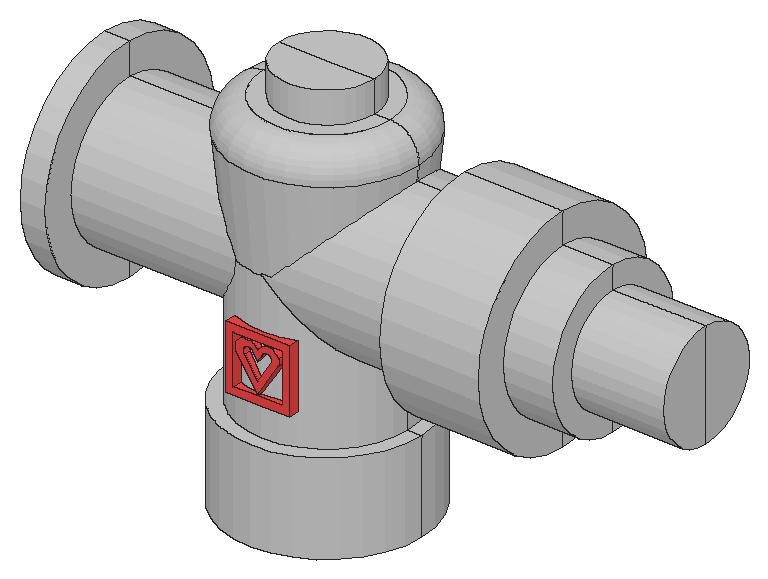
Revit family "HERZ-TS-98-VH-Thermostatventil Eck Spezial 7628", category Rohrzubehör, Revit 2020
Family settings
  Bemaßung runder Anschluss = Durchmesser verwenden
  Teiletyp = Unterbricht
  OmniClass-Nummer = 23.65.55.14
  OmniClass-Titel = Valves for Liquid Services
  Arbeitsebenenbasiert = Nein
  Immer vertikal = Ja
  Beim Laden mit Abzugskörper schneiden = Nein
  Gemeinsam genutzt = Nein
Parameters
  Vorgabe-Ansicht = 0.000 mm
  URL = "www.herz-armaturen.at"
  Schraubkappe = "Kunststoff, hellgrau"  # constant formula
  SCRNSEQ = "ARM;ARM_TYP=\"ALLF\";2"
  SCRNCODE = "05;00;02"  # constant formula
  S02 = L06 + L07 - L03  # 26.800 mm
  S01 = 10.000 mm  # constant formula
  R06 = 4.000 mm  # constant formula
  R05 = 13.500 mm  # constant formula
  R04 = 11.500 mm  # constant formula
  R03 = 9.000 mm  # constant formula
  R02 = 6.750 mm  # constant formula
  R01 = 7.000 mm  # constant formula
  Nennweite = 15.000 mm  # constant formula
  Medium = "Heizwasserqualität entsprechend ÖNORM H 5195 bzw. VDI-Richtlinie 2035"
  Max.Betriebstemperatur = 120 °C  # constant formula
  Max.Betriebsdruck = 1000000.0 Pa  # constant formula
  LO1 = 16.000 mm  # constant formula
  L11 = L01 - L05  # 28.000 mm
  L10 = 7.500 mm  # constant formula
  L09 = 19.500 mm  # constant formula
  L08 = 13.200 mm  # constant formula
  L07 = 20.300 mm  # constant formula
  L06 = 14.000 mm  # constant formula
  L05 = 3.500 mm  # constant formula
  L04 = 28.000 mm  # constant formula
  L03 = 7.500 mm  # constant formula
  L02 = 27.000 mm  # constant formula
  L01 = 31.500 mm  # constant formula
  Hersteller = "HERZ Armaturen Ges.m.b.H."  # constant formula
  H04 = 12.900 mm  # constant formula
  H03 = 4.400 mm  # constant formula
  H02 = 22.350 mm  # constant formula
  H01 = 33.500 mm  # constant formula
  Gehäuse = "vernickeltes Messing"  # constant formula
  GT = 9.500 mm  # constant formula
  G2 = Nennweite / 2  # 7.500 mm
  G1 = Nennweite / 2  # 7.500 mm
  D08 = 5.300 mm  # constant formula
  D07 = 17.100 mm  # constant formula
  D06 = 10.650 mm  # constant formula
  D05 = 15.000 mm  # constant formula
  D04 = 9.525 mm  # constant formula
  D03 = 11.500 mm  # constant formula
  D02 = 10.500 mm  # constant formula
  D01 = 15.000 mm  # constant formula
  Bestellnummer = 1762826  # constant formula
  Ausführungen = "Alle Modelle werden in vernickelter Ausführung mit hellgrauer Schraubkappe geliefert. Universalmodelle mit Spezialmuffe für Gewinderohr und Klemmsetanschluß"
  Anwendungsgebiet = "Wasserheizungsanlagen, bei denen der hydraulische Abgleich über Rücklaufventile nicht möglich oder nicht erwünscht ist."
  Anschlussgewinde für TH-Kopf = "M30x1.5"  # constant formula
Reference planes
  plane 1 "Mitte (Vorne/hinten)": y = 0
  plane 2: z = 0
  plane 3 "Mitte (Links/rechts)": x = 0
Forms (mm)
  Revolve 1, solid, material "Messing, weicher Gelbton, geschweißt", detail levels fine
    sketch origin (0, 0, 0) x (1, 0, 0) y (0, 0, 1)
      loop
        line (27, 0) -> (27, 9.525) -> (19.5, 9.525) -> (19.5, 11.5) -> (0, 11.5) -> (0, 10.5) -> (-28, 10.5) -> (-28, 15) -> (-31.5, 15) -> (-31.5, 0) -> (27, 0)
      axis (-31.5, 0) -> (27, 0)
    angle from 0 to 360
  Revolve 2, solid, material "Messing, weicher Gelbton, geschweißt", detail levels fine
    sketch origin (0, 0, 0) x (1, 0, 0) y (0, 0, 1)
      loop
        line (27, 0) -> (53.8, 0) -> (53.8, 7.5) -> (40.6, 7.5) -> (40.6, 10.65) -> (33.5, 10.65) -> (33.5, 15) -> (19.5, 15) -> (19.5, 9.525) -> (27, 9.525) -> (27, 0)
      axis (19.5, 0) -> (53.8, 0)
    angle from 0 to 360
  Revolve 3, solid, material "Messing, weicher Gelbton, geschweißt", detail levels fine
    sketch origin (0, 0, 0) x (1, 0, 0) y (0, 0, 1)
      loop
        line (0, 22.35) -> (0, -24) -> (7.5, -24) -> (7.5, -33.5) -> (13.5, -33.5) -> (13.5, -20.6) -> (11.5, -20.6) -> (11.5, 0) -> (12.969, 13.456)
        arc (12.969, 13.456) -> (11.998, 16.598) -> (9, 17.95) r 4
        line (9, 17.95) -> (6.75, 17.95) -> (6.75, 22.35) -> (0, 22.35)
      axis (0, 22.35) -> (0, -33.5)
    angle from 0 to 360
Lines and regions (mm)
  model lines, detail levels coarse+medium
    curve 1: line (0, 0, 0) -> (-13.5, 0, -33.5)
    curve 2: line (-13.5, 0, -33.5) -> (13.5, 0, -33.5)
    curve 3: line (13.5, 0, -33.5) -> (0, 0, 0)
    curve 4: line (0, 0, 0) -> (27, 0, 15)
    curve 5: line (27, 0, 15) -> (27, 0, -15)
    curve 6: line (27, 0, -15) -> (0, 0, 0)
    curve 7: line (0, 0, 0) -> (-31.5, 0, 0)
    curve 8: line (27, 0, 15) -> (37, 0, 15)
    curve 9: line (37, 0, 15) -> (27, 0, 0)
    curve 10: line (27, 0, -15) -> (37, 0, -15)
    curve 11: line (37, 0, -15) -> (27, 0, 0)
    curve 12: line (27, 0, 0) -> (53.8, 0, 0)
    curve 13: line (0, 0, 0) -> (-13.5, -33.5, 0)
    curve 14: line (-13.5, -33.5, 0) -> (13.5, -33.5, 0)
    curve 15: line (13.5, -33.5, 0) -> (0, 0, 0)
    curve 16: line (0, 0, 0) -> (27, 15, 0)
    curve 17: line (27, 15, 0) -> (27, -15, 0)
    curve 18: line (27, -15, 0) -> (0, 0, 0)
    curve 19: line (27, 15, 0) -> (37, 15, 0)
    curve 20: line (37, 15, 0) -> (27, 0, 0)
    curve 21: line (27, -15, 0) -> (37, -15, 0)
    curve 22: line (37, -15, 0) -> (27, 0, 0)
Dimensions and locks
  "D01": Revolve 1 sketch curve to Revolve 1 sketch curve
  "L05": Revolve 1 sketch curve to Revolve 1 sketch curve
  "D02": Revolve 1 sketch curve to Revolve 1 sketch curve
  "L01": plane 3 "Mitte (Links/rechts)" to Revolve 1 sketch curve
  "L02": plane 3 "Mitte (Links/rechts)" to Revolve 1 sketch curve
  "D03": Revolve 1 sketch curve to Revolve 1 sketch curve
  "D04": Revolve 1 sketch curve to Revolve 1 sketch curve
  "L04": Revolve 1 sketch curve to Revolve 1 sketch curve
  "L03": Revolve 1 sketch curve to Revolve 1 sketch curve
  "L06": Revolve 2 sketch curve to Revolve 2 sketch curve
  "L03": Revolve 2 sketch curve to Revolve 1
  "L02": Revolve 2 sketch curve to plane 3 "Mitte (Links/rechts)"
  "L07": Revolve 2 sketch curve to Revolve 2 sketch curve
  "L08": Revolve 2 sketch curve to Revolve 2 sketch curve
  "D04": Revolve 2 sketch curve to Revolve 2 sketch curve
  "D05": Revolve 2 sketch curve to Revolve 2 sketch curve
  "G2": Revolve 2 sketch curve to Revolve 2 sketch curve
  "D06": Revolve 2 sketch curve to Revolve 2 sketch curve
  "H01": plane 2 to Revolve 3 sketch curve
  "H02": Revolve 3 sketch curve to plane 2
  "R02": Revolve 3 sketch curve to Revolve 3 sketch curve
  "H03": Revolve 3 sketch curve to Revolve 3 sketch curve
  "H04": Revolve 3 sketch curve to Revolve 3 sketch curve
  "R05": Revolve 3 sketch curve to Revolve 3 sketch curve
  "R04": Revolve 3 sketch curve to Revolve 3 sketch curve
  "R03": Revolve 3 sketch curve to plane 3 "Mitte (Links/rechts)"
  "GT": Revolve 3 sketch curve to Revolve 3 sketch curve
  "G1": Revolve 3 sketch curve to Revolve 3 sketch curve
  "H01": plane 2 to curve 2
  "R05": curve 3 to plane 3 "Mitte (Links/rechts)" to curve 2
  "L02": curve 5 to plane 3 "Mitte (Links/rechts)"
  "D05": curve 8 to plane 2 to curve 10
  "S01": curve 5 to curve 9
  "S02": curve 12 to curve 12
  "L01": curve 7 to curve 7
  "H01": curve 14 to plane 1 "Mitte (Vorne/hinten)"
  "R05": curve 14 to plane 3 "Mitte (Links/rechts)" to curve 15
  "L02": plane 3 "Mitte (Links/rechts)" to curve 17
  "S01": curve 17 to curve 20
  "S01": curve 5 to curve 11
  "S01": curve 17 to curve 22
  "D05": curve 21 to plane 1 "Mitte (Vorne/hinten)" to curve 19
  "R04": nested 1 to plane 1 "Mitte (Vorne/hinten)"
  "LO1": plane 2 to nested 1
  "R06": radius of Revolve 3 sketch curve
  aligned and locked: level to plane 2
Automatic sketch dimensions
  curve 7 to level = 0.000 mm
  curve 1 to plane 3 "Mitte (Links/rechts)" = 0.000 mm
  curve 11 to level = 0.000 mm
  plane 1 "Mitte (Vorne/hinten)" to curve 13 = 0.000 mm
  curve 13 to plane 3 "Mitte (Links/rechts)" = 0.000 mm
  plane 1 "Mitte (Vorne/hinten)" to curve 20 = 0.000 mm
  Revolve 1 sketch curve to level = 0.000 mm  (x2)
  Revolve 1 sketch curve to Revolve 1 sketch curve = 1475.030 mm
  Revolve 1 sketch curve to Revolve 1 sketch curve = 1812.148 mm
  Revolve 2 sketch curve to level = 0.000 mm  (x2)
  Revolve 2 sketch curve to plane 3 "Mitte (Links/rechts)" = 1506.530 mm
  Revolve 2 sketch curve to Revolve 2 sketch curve = 1785.348 mm
  Revolve 3 sketch curve to plane 3 "Mitte (Links/rechts)" = 0.000 mm  (x2)
  Revolve 3 sketch curve to level = 0.000 mm
  Revolve 3 sketch curve to Revolve 3 sketch curve = 3.969 mm
  Revolve 3 sketch curve to Revolve 3 sketch curve = 332.545 mm
  Revolve 3 sketch curve to Revolve 3 sketch curve = 2191.965 mm
Nested families
  nested 1: "Herz-Logo-vorne" at (0, -11.5, -11.5) x (0, 1, 0) z (0, 0, 1), type "Herz-Logo-vorne"
Connectors
  piping at (53.8, 0, 0), diameter 15, driven by "Nennweite"
    settings: on Revolve 2, index 1, connector inside diameter 609.6 mm, connector length 0.000 mm, flow factor 0, pipe flow 0.0 L/s, pressure drop 0.0 Pa, fitting loss kfactor 0, connector angle 0.00°, fixture units 0, engagement length 0.000 mm, angle of deflection 0.00°, flow configuration 0, flow direction 2, fitting loss method 0, system type 7, joint type 0, gender type 0, connector reference index -1, connector utility 0, adjustable connector no, is connector primary yes, connector description ""
  piping at (0, 0, -24), diameter 15, driven by "Nennweite"
    settings: on Revolve 3, index 5, connector inside diameter 609.6 mm, connector length 0.000 mm, flow factor 0, pipe flow 0.0 L/s, pressure drop 0.0 Pa, fitting loss kfactor 0, connector angle 0.00°, fixture units 0, engagement length 0.000 mm, angle of deflection 0.00°, flow configuration 0, flow direction 1, fitting loss method 0, system type 7, joint type 0, gender type 0, connector reference index -1, connector utility 0, adjustable connector no, is connector primary no, connector description ""
Definition of nested family "Herz-Logo-vorne"
  Parameters (values of type "Herz-Logo-vorne")
    Default Elevation = 0.000 mm
  Reference planes
    plane 1 "Mitte (Vorne/hinten)": y = 0
    plane 2: z = 0
    plane 3 "Mitte (Links/rechts)": x = 0
  Forms (mm)
    Extrusion 1, solid
      sketch origin (0.732, -0.018, 0.017) x (0, -1, 0) y (0, 0, 1)
        loop
          line (-0.018, -4.517) -> (4.482, -4.517) -> (4.482, 4.483) -> (-4.518, 4.483) -> (-4.518, -4.517) -> (-0.018, -4.517)
        loop
          line (-0.05, -3.48) -> (3.482, -3.48) -> (3.482, 3.483) -> (-3.518, 3.483) -> (-3.518, -3.48) -> (-0.05, -3.48)
        loop
          arc (-0.018, 2.383) -> (-1.543, 3.287) -> (-3.067, 2.383) r 1.738
          arc (-3.067, 2.383) -> (-3.191, 1.899) -> (-3.067, 1.415) r 1.009
          line (-3.067, 1.415) -> (-0.018, -3.281) -> (3.032, 1.415)
          arc (3.032, 1.415) -> (3.156, 1.899) -> (3.032, 2.383) r 1.009
          arc (3.032, 2.383) -> (1.507, 3.287) -> (-0.018, 2.383) r 1.738
        loop
          arc (1.885, 1.272) -> (2.005, 1.675) -> (1.885, 2.079) r 0.74
          arc (1.885, 2.079) -> (1.265, 2.416) -> (0.644, 2.079) r 0.74
          line (0.644, 2.079) -> (-0.018, 0.97) -> (-0.679, 2.079)
          arc (-0.679, 2.079) -> (-1.3, 2.416) -> (-1.921, 2.079) r 0.74
          arc (-1.921, 2.079) -> (-2.04, 1.675) -> (-1.921, 1.272) r 0.74
          line (-1.921, 1.272) -> (-0.018, -1.658) -> (1.885, 1.272)
      from 0 to 1.5
  Dimensions and locks
    aligned and locked: level to plane 2
